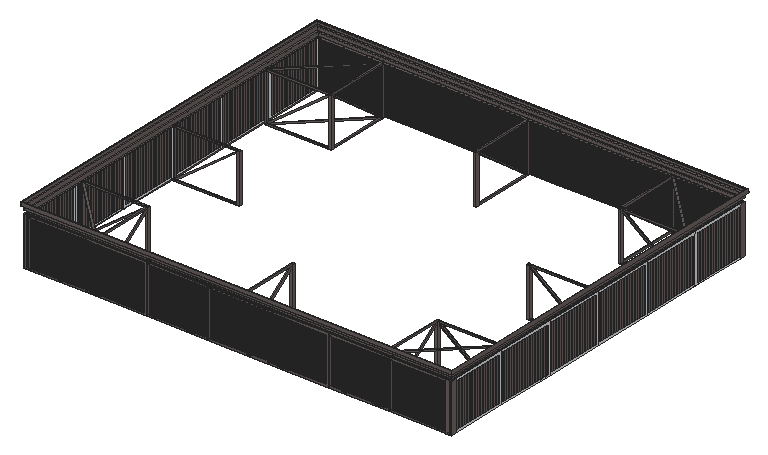
Revit family "Rooftop_Screen-CityScapes-Envisor", category Specialty Equipment, Revit 2021 (continued)
Definition of nested family "MidspanTruss"
  Dimensions and locks (in)
    aligned and locked: plane 2 to curve 1
    aligned and locked: plane 6 "Left" to curve 2  (x2)
    aligned and locked: plane 7 "SystemTop" to curve 2
    aligned and locked: plane 2 to curve 2
    aligned and locked: plane 5 "Bottom" to curve 2
    aligned and locked: curve 5 to plane 6 "Left"
    aligned and locked: curve 8 to plane 5 "Bottom"
    aligned and locked: curve 7 to plane 6 "Left"
    aligned and locked: plane 6 "Left" to curve 1
    aligned and locked: plane 4 "Top" to curve 1
    aligned and locked: plane 5 "Bottom" to curve 8
    aligned and locked: plane 2 to curve 8
  Automatic sketch dimensions
    curve 10 to level = 0' - 0"
    curve 10 to plane 5 "Bottom" = 0' - 0"
    curve 10 to plane 4 "Top" = 0' - 0"
    curve 10 to plane 7 "SystemTop" = 0' - 0"
    plane 3 "Center (Left/Right)" to curve 8 = 2' - 0"
    curve 5 to plane 5 "Bottom" = 0' - 0"
    curve 5 to plane 4 "Top" = 0' - 0"
    curve 7 to plane 4 "Top" = 0' - 0"
Types (15): name | TopRailViz | System_Width | SpacingWidth | SOLID PANEL VIZ | RIBBED VIZ | RIBBED VERT VIZ | Panel_Height | MATERIAL | LOUVRE VIZ | FRAME WIDTH | FRAME VIZ | FRAME MATERIAL | BottomRailViz | BATTEN VIZ | ABS_PANEL | 7.2 CORRUGATED | 7.2 CORR VERT | 4.0 CORR VERT | 4.0 CORR HORT
  4.0 CORRUGATED HORIZONTAL SOLID | yes | 22' - 6" | 6 | no | no | no | 4' - 0" | SHADOW GREY | no | 0' - 1 1/2" | yes | SHADOW GREY | yes | no | no | no | no | no | yes
  7.2 RIB VERTICAL SOLID | yes | 26' - 3" | 7 | no | no | no | 4' - 0" | SHADOW GREY | no | 0' - 1 1/2" | yes | SHADOW GREY | yes | no | no | no | yes | no | no
  4.0 CORRUGATED VERTICAL SOLID | no | 26' - 3" | 7 | no | no | no | 3' - 0" | DARK BRONZE | no | 0' - 1 19/128" | yes | DARK BRONZE | no | no | no | no | no | yes | no
  BATTEN VERT | no | 22' - 6" | 6 | no | no | no | 4' - 0" | ELECTRIC BLACK | no | 0' - 1 19/128" | no | ELECTRIC BLACK | no | yes | yes | no | no | no | no
  ABS RIBBED VERT | no | 22' - 6" | 6 | no | no | yes | 4' - 0" | FOREST GREEN | no | 0' - 1 19/128" | no | FOREST GREEN | no | no | yes | no | no | no | no
  VENTED LOUVER | no | 22' - 6" | 6 | no | no | no | 6' - 0" | SLATE GREY | yes | 0' - 1 1/2" | yes | SLATE GREY | no | no | no | no | no | no | no
  ABS RIBBED HORIZONTAL | no | 22' - 6" | 6 | no | yes | no | 4' - 0" | CITY BROWN TEXTURED | no | 0' - 1 1/2" | yes | CITY BROWN TEXTURED | no | no | no | no | no | no | no
  7.2 RIBBED HORIZONTAL | yes | 22' - 6" | 6 | no | no | no | 4' - 0" | MANSFORD BROWN | no | 0' - 1 1/2" | no | MANSFORD BROWN | yes | no | yes | yes | no | no | no
  PAN SOLID | yes | 26' - 3" | 7 | yes | no | no | 4' - 0" | SLATE BLUE | no | 0' - 1" | yes | SLATE BLUE | yes | no | no | no | no | no | no
  FLAT PAN | no | 26' - 3" | 7 | yes | no | no | 4' - 0" | PUTTY | no | 0' - 1 19/128" | no | PUTTY | no | no | yes | no | no | no | no
  CUSTOM | no | 26' - 3" | 7 | yes | no | no | 4' - 0" | DARK BRONZE | no | 0' - 1 19/128" | no | DARK BRONZE | no | no | yes | no | no | no | no
  BRICK | no | 26' - 3" | 7 | yes | no | no | 4' - 0" | TERRACOTA BRICK | no | 0' - 1 1/2" | no | TERRACOTTA | no | no | yes | no | no | no | no
  7.2 RIB VERTICAL PERFORATED | yes | 26' - 3" | 7 | no | no | no | 4' - 0" | OYSTER Perforated | no | 0' - 1 19/128" | yes | OYSTER | yes | no | no | no | yes | no | no
  PAN PERFORATED | no | 26' - 3" | 7 | yes | no | no | 4' - 0" | OYSTER Perforated | no | 0' - 1 19/128" | yes | OYSTER | no | no | no | no | no | no | no
  7.2 RIBBED HORIZONTAL PERFORATED | no | 22' - 6" | 6 | no | no | no | 4' - 0" | OYSTER Perforated | no | 0' - 1 1/4" | yes | OYSTER | no | no | no | yes | no | no | no
